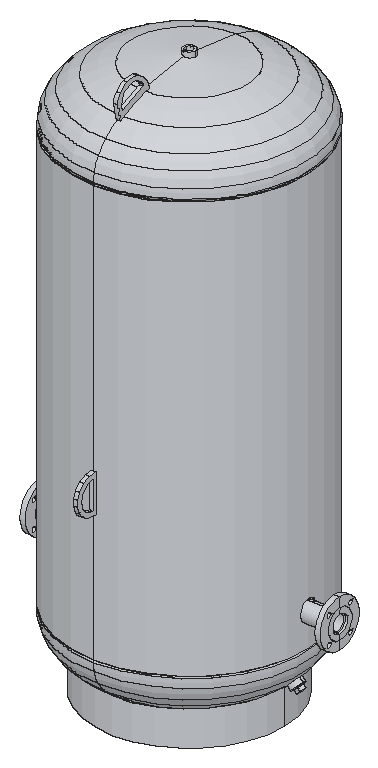
Revit family "CBT-200-2", category Generic Models, Revit 2014
Parameters (values of type "CBT-200-2")
  URL = "http://westank.com/"
  Tank Volume = 200.00 gal
  Part Number = 55300200
  Model = "CBT-200-2"
  Maximum Shipping Weight = 555 lbf
  Flange Connector Diameter = 2"
  Description = "Wessels ASME Chilled Water Buffer Tanks (CBT) are designed for chilled water systems with insufficient water volume capacity in relation to the chiller capacity."
  D = 14"
  C = 24"
  B = 71.72229"
  A = 30"
Reference planes (in)
  plane 1 "Center (Front/Back)": y = 0
  plane 2: z = 0
  plane 3 "Center (Left/Right)": x = 0
  plane 4: through (12.55282, -180, 5.24135) normal (0.8192, 0, -0.5736)
  plane 5: x = -15
  plane 6: x = 15
  plane 7: z = 0
  plane 8: y = 15
  plane 9: y = -15
  plane 10: x = -12
  plane 11: x = 12
  plane 12: z = 14
  plane 13: z = 71.72229
Forms (in)
  Revolve 1, solid
    sketch origin (0, -0.02461, 0) x (0, 1, 0) y (0, 0, 1)
      loop
        line (-14.97539, 9.87397) -> (-14.812, 9.87397)
        arc (-14.812, 9.87397) -> (-14.83596, 9.78454) -> (-14.90143, 9.71907) r 0.17887
        arc (-14.90143, 9.71907) -> (-14.94991, 9.64836) -> (-14.97579, 9.56662) r 0.29232
        arc (-14.97579, 9.56662) -> (-14.96586, 8.98455) -> (-14.89468, 8.40676) r 5.51955
        arc (-14.89468, 8.40676) -> (-14.65184, 7.56116) -> (-14.23912, 6.78419) r 4.22443
        arc (-14.23912, 6.78419) -> (-13.71208, 6.0842) -> (-13.11424, 5.44361) r 8.30764
        arc (-13.11424, 5.44361) -> (-11.99363, 4.5369) -> (-10.73315, 3.83755) r 8.30764
        arc (-10.73315, 3.83755) -> (-9.02248, 3.06195) -> (-7.23223, 2.49367) r 15.88746
        arc (-7.23223, 2.49367) -> (-3.63165, 1.79117) -> (0.02461, 1.49214) r 33.04234
        line (0.02461, 1.49214) -> (0.02461, 1.66407)
        arc (0.02461, 1.66407) -> (-3.61037, 1.96174) -> (-7.19, 2.66027) r 32.87047
        arc (-7.19, 2.66027) -> (-8.96351, 3.22342) -> (-10.65802, 3.99223) r 15.71558
        arc (-10.65802, 3.99223) -> (-11.8952, 4.67783) -> (-12.99495, 5.56734) r 8.13577
        arc (-12.99495, 5.56734) -> (-13.58042, 6.19468) -> (-14.09655, 6.88019) r 8.13577
        arc (-14.09655, 6.88019) -> (-14.49248, 7.62554) -> (-14.72544, 8.43674) r 4.05256
        arc (-14.72544, 8.43674) -> (-14.79395, 8.9901) -> (-14.80447, 9.54759) r 5.34767
        arc (-14.80447, 9.54759) -> (-14.7971, 9.56945) -> (-14.78569, 9.5895) r 0.12044
        arc (-14.78569, 9.5895) -> (-14.67439, 9.72277) -> (-14.64064, 9.89308) r 0.35074
        line (-14.64064, 9.89308) -> (-14.84715, 9.89308) -> (-14.84715, 63.30744) -> (-14.64151, 63.30744)
        arc (-14.64151, 63.30744) -> (-14.67184, 63.48438) -> (-14.78573, 63.62314) r 0.35074
        arc (-14.78573, 63.62314) -> (-14.79712, 63.64318) -> (-14.80449, 63.66503) r 0.12045
        arc (-14.80449, 63.66503) -> (-14.79397, 64.22252) -> (-14.72546, 64.77589) r 5.34768
        arc (-14.72546, 64.77589) -> (-14.4925, 65.58709) -> (-14.09657, 66.33245) r 4.05257
        arc (-14.09657, 66.33245) -> (-13.58043, 67.01795) -> (-12.99497, 67.64529) r 8.13578
        arc (-12.99497, 67.64529) -> (-11.89524, 68.53479) -> (-10.65807, 69.22039) r 8.13578
        arc (-10.65807, 69.22039) -> (-8.96355, 69.9892) -> (-7.19005, 70.55234) r 15.71558
        arc (-7.19005, 70.55234) -> (-3.61055, 71.25085) -> (0.02429, 71.54852) r 32.87045
        line (0.02429, 71.54852) -> (0.02429, 71.72226)
        arc (0.02429, 71.72226) -> (-3.63245, 71.42322) -> (-7.2335, 70.72062) r 33.04334
        arc (-7.2335, 70.72062) -> (-9.02402, 70.15223) -> (-10.73493, 69.37648) r 15.88853
        arc (-10.73493, 69.37648) -> (-11.99625, 68.67673) -> (-13.11754, 67.76938) r 8.30893
        arc (-13.11754, 67.76938) -> (-13.7162, 67.12794) -> (-14.24389, 66.42695) r 8.30923
        arc (-14.24389, 66.42695) -> (-14.65697, 65.6495) -> (-14.90005, 64.80335) r 4.22701
        arc (-14.90005, 64.80335) -> (-14.97148, 64.22282) -> (-14.98111, 63.638) r 5.52257
        arc (-14.98111, 63.638) -> (-14.95423, 63.55162) -> (-14.90267, 63.47728) r 0.29803
        arc (-14.90267, 63.47728) -> (-14.837, 63.41026) -> (-14.81302, 63.31953) r 0.18362
        line (-14.81302, 63.31953) -> (-14.97539, 63.31953) -> (-14.97539, 9.87397)
      axis (0.02461, 1.49214) -> (0.02461, 71.72226)
    angle from 0 to 360
  Revolve 2, solid
    sketch origin (0, 0, -0.00013) x (-1, 0, 0) y (0, 0, 1)
      loop
        line (18.00085, 12.8128) -> (18.00085, 12.46883) -> (18.25085, 12.46883) -> (18.25085, 11.0028) -> (18.9375, 11.0028) -> (18.9375, 12.18553) -> (19, 12.18553) -> (19, 12.8128) -> (18.00085, 12.8128)
      axis (19, 14.00013) -> (18.00085, 14.00013)
    angle from 0 to 360
  Revolve 3, solid
    sketch origin (-1.82085, 0, 2.88409) x (0.981353, 0, -0.192215) y (0.192215, 0, 0.981353)
      loop
        line (14.71753, 6.11956) -> (14.66586, 6.1556) -> (14.25436, 5.56561) -> (14.86992, 5.13627) -> (15.24588, 5.6753) -> (15.19462, 5.71106) -> (15.31904, 5.88945) -> (14.80641, 6.24699) -> (14.71753, 6.11956)
      axis (14.25436, 5.56561) -> (14.86992, 5.13627)
    angle from 0 to 360
  Extrusion 4, solid
    sketch origin (13.38203, -180, 6.13049) x (0.718765, 0, 0.695254) y (0, -1, 0)
      loop
        line (-0.16036, -179.52645) -> (-0.95521, -179.68698) -> (-0.79485, -180.48095) -> (0, -180.32042) -> (-0.16036, -179.52645)
    from 1.02698 to 1.52678
  Extrusion 5, solid
    sketch origin (0, -2.93535, 4.97257) x (0, 1, 0) y (0, 0, 1)
      loop
        line (-11.44611, 21.34547) -> (-11.44611, 26.2033)
        arc (-11.44611, 26.2033) -> (-12.23597, 26.18051) -> (-13.01533, 26.05008) r 5.77422
        arc (-13.01533, 26.05008) -> (-13.49297, 25.89754) -> (-13.94252, 25.67548) r 3.35288
        arc (-13.94252, 25.67548) -> (-14.34081, 25.36666) -> (-14.64962, 24.96837) r 2.0073
        arc (-14.64962, 24.96837) -> (-14.80343, 24.58932) -> (-14.88788, 24.18906) r 2.30742
        arc (-14.88788, 24.18906) -> (-14.91277, 23.77188) -> (-14.88788, 23.3547) r 3.50846
        arc (-14.88788, 23.3547) -> (-14.79412, 22.92876) -> (-14.61961, 22.52904) r 2.24053
        arc (-14.61961, 22.52904) -> (-14.27401, 22.08806) -> (-13.80999, 21.77406) r 1.8078
        arc (-13.80999, 21.77406) -> (-13.34321, 21.55591) -> (-12.84107, 21.44044) r 2.44481
        arc (-12.84107, 21.44044) -> (-12.14717, 21.34028) -> (-11.44611, 21.34547) r 4.65484
      loop
        arc (-12.44611, 25.63929) -> (-12.67227, 25.60073) -> (-12.89654, 25.55235) r 5.2625
        arc (-12.89654, 25.55235) -> (-13.30128, 25.42308) -> (-13.68221, 25.23491) r 2.84116
        arc (-13.68221, 25.23491) -> (-13.97364, 25.01013) -> (-14.20134, 24.72098) r 1.49558
        arc (-14.20134, 24.72098) -> (-14.3163, 24.43235) -> (-14.37979, 24.12821) r 1.7957
        arc (-14.37979, 24.12821) -> (-14.40106, 23.77188) -> (-14.37979, 23.41555) r 2.99674
        arc (-14.37979, 23.41555) -> (-14.30745, 23.08689) -> (-14.17279, 22.77846) r 1.72881
        arc (-14.17279, 22.77846) -> (-13.91552, 22.45353) -> (-13.56884, 22.22643) r 1.29608
        arc (-13.56884, 22.22643) -> (-13.1779, 22.0402) -> (-12.75531, 21.94566) r 1.9331
        arc (-12.75531, 21.94566) -> (-12.60126, 21.91347) -> (-12.44611, 21.88716) r 4.14312
        line (-12.44611, 21.88716) -> (-12.44611, 25.63929)
    from -0.24366 to 0.25634
  Extrusion 6, solid
    sketch origin (0, -26.96034, 50.83362) x (0, 0.366501, -0.930418) y (0, 0.930418, 0.366501)
      loop
        arc (-11.9298, 25.67102) -> (-12.15596, 25.63246) -> (-12.38023, 25.58408) r 5.2625
        arc (-12.38023, 25.58408) -> (-12.78497, 25.45482) -> (-13.16591, 25.26664) r 2.84116
        arc (-13.16591, 25.26664) -> (-13.45733, 25.04186) -> (-13.68503, 24.75271) r 1.49558
        arc (-13.68503, 24.75271) -> (-13.8, 24.46408) -> (-13.86349, 24.15994) r 1.7957
        arc (-13.86349, 24.15994) -> (-13.88475, 23.80361) -> (-13.86349, 23.44728) r 2.99674
        arc (-13.86349, 23.44728) -> (-13.79114, 23.11862) -> (-13.65649, 22.81019) r 1.72881
        arc (-13.65649, 22.81019) -> (-13.39922, 22.48527) -> (-13.05253, 22.25816) r 1.29608
        arc (-13.05253, 22.25816) -> (-12.66159, 22.07193) -> (-12.239, 21.97739) r 1.9331
        arc (-12.239, 21.97739) -> (-12.08496, 21.94521) -> (-11.9298, 21.91889) r 4.14312
        line (-11.9298, 21.91889) -> (-11.9298, 25.67102)
      loop
        line (-10.6798, 21.36539) -> (-10.6798, 26.08259)
        arc (-10.6798, 26.08259) -> (-11.8692, 26.19685) -> (-13.02719, 25.90227) r 3.48194
        arc (-13.02719, 25.90227) -> (-13.54727, 25.6041) -> (-13.99851, 25.20943) r 3.03185
        arc (-13.99851, 25.20943) -> (-14.28248, 24.55653) -> (-14.39992, 23.8543) r 2.91879
        arc (-14.39992, 23.8543) -> (-14.3348, 23.1787) -> (-14.08611, 22.54717) r 2.44012
        arc (-14.08611, 22.54717) -> (-13.716, 22.08641) -> (-13.21844, 21.76749) r 1.83162
        arc (-13.21844, 21.76749) -> (-11.97447, 21.40638) -> (-10.6798, 21.36539) r 5.1769
    from -0.24366 to 0.25634
  Extrusion 7, solid
    sketch origin (0, 0, 0) x (1, 0, 0) y (0, 1, 0)
      loop
        circle (0, 0) r 0.75
      loop
        circle (0, 0) r 0.5
    from 71.36613 to 72.22229
  Extrusion 8, void
    sketch origin (0, 0.13917, 0.41738) x (0, 1, 0) y (0, 0, -1)
      loop
        circle (1.541, -15.27943) r 0.37532
      loop
        circle (1.541, -11.8825) r 0.37532
      loop
        circle (-1.83246, -15.26631) r 0.37532
      loop
        circle (-1.7931, -11.89562) r 0.37532
    from 15.80097 to 20.25
  Extrusion 9, void
    sketch origin (0, 0, 0) x (1, 0, 0) y (0, 1, 0)
      loop
        circle (0, 0) r 0.5
    from 70.90268 to 73.75579
  Revolve 10, solid
    sketch origin (0, 0, 0) x (1, 0, 0) y (0, 0, 1)
      loop
        line (11.87609, 4.44941) -> (11.87609, 0) -> (12, 0) -> (12, 4.44941) -> (11.87609, 4.44941)
      axis (0, 4.44941) -> (0, 0)
    angle from 0 to 360
  Revolve 11, solid
    sketch origin (0, 0, -0.00013) x (1, 0, 0) y (0, 0, 1)
      loop
        line (-14.37585, 12.96677) -> (-18.625, 12.96677) -> (-18.625, 12.81248) -> (-14.37585, 12.81248) -> (-14.37585, 12.96677)
      axis (-18.625, 14.00013) -> (-14.37585, 14.00013)
    angle from 0 to 360
  Extrusion 12, void
    sketch origin (0, 0, 0.25) x (0, 1, 0) y (0, 0, 1)
      loop
        circle (0, 14) r 1.23453
    from -18.86806 to 18.76515
  Revolve 13, solid
    sketch origin (0, 0, -0.00013) x (1, 0, 0) y (0, 0, 1)
      loop
        line (18.00085, 12.8128) -> (18.00085, 12.46883) -> (18.25085, 12.46883) -> (18.25085, 11.0028) -> (18.9375, 11.0028) -> (18.9375, 12.18553) -> (19, 12.18553) -> (19, 12.8128) -> (18.00085, 12.8128)
      axis (19, 14.00013) -> (18.00085, 14.00013)
    angle from 0 to 360
  Extrusion 14, void
    sketch origin (0, 0.13917, 0.41738) x (0, 1, 0) y (0, 0, 1)
      loop
        circle (1.541, 15.27943) r 0.37532
      loop
        circle (1.541, 11.8825) r 0.37532
      loop
        circle (-1.83246, 15.26631) r 0.37532
      loop
        circle (-1.7931, 11.89562) r 0.37532
    from 15.80097 to 20.25
  Revolve 15, solid
    sketch origin (0, 0, -0.00013) x (-1, 0, 0) y (0, 0, 1)
      loop
        line (-14.37585, 12.96677) -> (-18.625, 12.96677) -> (-18.625, 12.81248) -> (-14.37585, 12.81248) -> (-14.37585, 12.96677)
      axis (-18.625, 14.00013) -> (-14.37585, 14.00013)
    angle from 0 to 360
Cuts and joins
  Extrusion 8, Extrusion 14 cuts Revolve 2
  Extrusion 14 cuts Revolve 13
  joined: Extrusion 4, Extrusion 5, Extrusion 6, Extrusion 7
  Extrusion 9, Extrusion 12 cuts Revolve 1
Dimensions and locks (in)
  equal spacing: plane 6, plane 3 "Center (Left/Right)", plane 5
  "A": plane 6 to plane 5
  equal spacing: plane 8, plane 1 "Center (Front/Back)", plane 9
  "A": plane 8 to plane 9
  equal spacing: plane 11, plane 3 "Center (Left/Right)", plane 10
  "C": plane 11 to plane 10
  plane 12 to level = 14"
  "B": plane 13 to level
  aligned and locked: plane 2 to level
  aligned and locked: Revolve 10 sketch curve to plane 3 "Center (Left/Right)"
Automatic sketch dimensions
  Revolve 1 sketch curve to Revolve 1 sketch curve = 0"  (x27)
  Revolve 1 sketch curve to plane 9 = 0"
  Revolve 1 sketch curve to plane 1 "Center (Front/Back)" = 0"  (x2)
  Revolve 1 sketch curve to Revolve 1 sketch curve = 0.01547"
  plane 9 to Revolve 1 sketch curve = 0.01547"
  Revolve 1 sketch curve to Revolve 1 sketch curve = 0.00578"
  Revolve 1 sketch curve to plane 9 = 0.12824"
  Revolve 1 sketch curve to Revolve 1 sketch curve = 0.03413"
  Revolve 1 sketch curve to Revolve 1 sketch curve = 9/256"
  Revolve 1 sketch curve to plane 9 = 0.28821"
  Revolve 1 sketch curve to plane 9 = 0.28822"
  Revolve 1 sketch curve to Revolve 1 sketch curve = 0.00078"
  Revolve 1 sketch curve to Revolve 1 sketch curve = 0.17151"
  Revolve 1 sketch curve to Revolve 1 sketch curve = 0.17135"
  Revolve 1 sketch curve to Revolve 1 sketch curve = 3.94929"
  Revolve 1 sketch curve to Revolve 1 sketch curve = 0.00287"
  Revolve 1 sketch curve to Revolve 1 sketch curve = 3.95216"
  Revolve 1 sketch curve to Revolve 1 sketch curve = 1.2728"
  Revolve 1 sketch curve to Revolve 1 sketch curve = 0.00246"
  Revolve 1 sketch curve to Revolve 1 sketch curve = 1.27526"
  Revolve 1 sketch curve to Revolve 1 sketch curve = 2.11145"
  Revolve 1 sketch curve to Revolve 1 sketch curve = 0.00084"
  Revolve 1 sketch curve to Revolve 1 sketch curve = 0.00187"
  Revolve 1 sketch curve to Revolve 1 sketch curve = 2.11171"
  plane 1 "Center (Front/Back)" to Revolve 1 sketch curve = 3.35442"
  Revolve 1 sketch curve to Revolve 1 sketch curve = 0.00082"
  plane 1 "Center (Front/Back)" to Revolve 1 sketch curve = 3.35353"
  plane 1 "Center (Front/Back)" to Revolve 1 sketch curve = 0.00031"
  Revolve 1 sketch curve to plane 1 "Center (Front/Back)" = 0.86039"
  Revolve 1 sketch curve to Revolve 1 sketch curve = 0.00067"
  Revolve 1 sketch curve to plane 1 "Center (Front/Back)" = 0.86116"
  level to Revolve 1 sketch curve = 1.49214"
  Revolve 1 sketch curve to Revolve 1 sketch curve = 0.17193"
  Revolve 1 sketch curve to plane 12 = 4.85634"
  Revolve 1 sketch curve to Revolve 1 sketch curve = 0.22592"
  Revolve 1 sketch curve to Revolve 1 sketch curve = 0.37656"
  Revolve 1 sketch curve to Revolve 1 sketch curve = 0.35376"
  Revolve 1 sketch curve to Revolve 1 sketch curve = 0.01911"  (x2)
  Revolve 1 sketch curve to plane 12 = 2.57575"
  plane 12 to Revolve 1 sketch curve = 3.89417"
  Revolve 1 sketch curve to Revolve 1 sketch curve = 16.62909"
  Revolve 1 sketch curve to Revolve 1 sketch curve = 4.1661"
  Revolve 1 sketch curve to Revolve 1 sketch curve = 0.00077"
  Revolve 1 sketch curve to Revolve 1 sketch curve = 0.00068"
  Revolve 1 sketch curve to Revolve 1 sketch curve = 6.46799"
  Revolve 1 sketch curve to Revolve 1 sketch curve = 0.00123"
  Revolve 1 sketch curve to Revolve 1 sketch curve = 0.00005"
  Revolve 1 sketch curve to Revolve 1 sketch curve = 1.52034"
  Revolve 1 sketch curve to Revolve 1 sketch curve = 0.01209"
  Revolve 1 sketch curve to Revolve 1 sketch curve = 0.3749"
  Revolve 1 sketch curve to Revolve 1 sketch curve = 0.01007"
  Revolve 1 sketch curve to Revolve 1 sketch curve = 2.05124"
  Revolve 1 sketch curve to Revolve 1 sketch curve = 0.00348"
  Revolve 1 sketch curve to Revolve 1 sketch curve = 0.2261"
  Revolve 1 sketch curve to Revolve 1 sketch curve = 0.0033"
  plane 9 to Revolve 1 sketch curve = 0.0004"
  plane 9 to Revolve 1 sketch curve = 0.00572"
  Revolve 1 sketch curve to plane 9 = 0.07272"
  Revolve 1 sketch curve to plane 9 = 0.07396"
  Revolve 1 sketch curve to Revolve 1 sketch curve = 0.11808"
  Revolve 1 sketch curve to Revolve 1 sketch curve = 0.11729"
  Revolve 1 sketch curve to Revolve 1 sketch curve = 0.01876"
  Revolve 1 sketch curve to Revolve 1 sketch curve = 0.01878"
  Revolve 1 sketch curve to Revolve 1 sketch curve = 0.14732"
  Revolve 1 sketch curve to Revolve 1 sketch curve = 0.97903"
  Revolve 1 sketch curve to Revolve 1 sketch curve = 0.98231"
  Revolve 1 sketch curve to Revolve 1 sketch curve = 0.12257"
  Revolve 1 sketch curve to Revolve 1 sketch curve = 0.1193"
  Revolve 1 sketch curve to Revolve 1 sketch curve = 2.26179"
  Revolve 1 sketch curve to Revolve 1 sketch curve = 0.07686"
  Revolve 1 sketch curve to Revolve 1 sketch curve = 0.07513"
  Revolve 1 sketch curve to Revolve 1 sketch curve = 5.63017"
  Revolve 1 sketch curve to Revolve 1 sketch curve = 1.88017"
  Revolve 2 sketch curve to plane 12 = 0"
  plane 5 to Revolve 2 sketch curve = 3.00085"
  Revolve 2 sketch curve to Revolve 2 sketch curve = 1/4"
  Revolve 2 sketch curve to Revolve 2 sketch curve = 0.68665"
  Revolve 2 sketch curve to Revolve 2 sketch curve = 1/16"
  plane 12 to Revolve 2 sketch curve = 1.18733"
  Revolve 2 sketch curve to Revolve 2 sketch curve = 0.34397"
  Revolve 2 sketch curve to Revolve 2 sketch curve = 0.62726"
  Revolve 2 sketch curve to Revolve 2 sketch curve = 1.18273"
  Revolve 2 sketch curve to plane 5 = 0.66921"
  Revolve 2 sketch curve to Revolve 2 sketch curve = 0.68278"
  plane 4 to Revolve 3 sketch curve = 0.35169"
  plane 11 to Revolve 3 sketch curve = 1.2375"
  Revolve 3 sketch curve to Revolve 3 sketch curve = 0.4115"
  Revolve 3 sketch curve to Revolve 3 sketch curve = 0.05167"
  Revolve 3 sketch curve to Revolve 3 sketch curve = 0.08888"
  Revolve 3 sketch curve to Revolve 3 sketch curve = 0.61556"
  Revolve 3 sketch curve to Revolve 3 sketch curve = 0.47709"
  Revolve 3 sketch curve to Revolve 3 sketch curve = 0.05126"
  Revolve 3 sketch curve to Revolve 3 sketch curve = 0.42934"
  Revolve 3 sketch curve to Revolve 3 sketch curve = 0.12768"
  Revolve 3 sketch curve to Revolve 3 sketch curve = 0"  (x2)
  Revolve 3 sketch curve to Revolve 3 sketch curve = 0.08905"
  plane 1 "Center (Front/Back)" to Extrusion 4 sketch curve = 0.31302"
  Extrusion 4 sketch curve to plane 1 "Center (Front/Back)" = 0.48095"
  Extrusion 4 sketch curve to Extrusion 4 sketch curve = 0.16036"  (x2)
  plane 1 "Center (Front/Back)" to Extrusion 4 sketch curve = 0.47355"
  Extrusion 4 sketch curve to Extrusion 4 sketch curve = 0.79485"
  Extrusion 4 sketch curve to plane 1 "Center (Front/Back)" = 0.32042"
  Extrusion 7 sketch curve to Extrusion 7 sketch curve = 0"  (x2)
  plane 1 "Center (Front/Back)" to Extrusion 7 sketch curve = 0"
  Extrusion 7 sketch curve to plane 3 "Center (Left/Right)" = 0"
  plane 1 "Center (Front/Back)" to Extrusion 8 sketch curve = 1.69329"
  plane 1 "Center (Front/Back)" to Extrusion 8 sketch curve = 1.65393"
  Extrusion 8 sketch curve to plane 1 "Center (Front/Back)" = 1.68017"  (x2)
  plane 12 to Extrusion 8 sketch curve = 1.69681"
  plane 12 to Extrusion 8 sketch curve = 1.68369"
  Extrusion 8 sketch curve to plane 12 = 1.687"
  Extrusion 8 sketch curve to plane 12 = 1.70012"
  Extrusion 9 sketch curve to Extrusion 9 sketch curve = 0"  (x2)
  plane 1 "Center (Front/Back)" to Extrusion 9 sketch curve = 0"
  Extrusion 9 sketch curve to plane 3 "Center (Left/Right)" = 0"
  Extrusion 9 sketch curve to plane 3 "Center (Left/Right)" = 1/2"
  Revolve 10 sketch curve to level = 0"
  Revolve 10 sketch curve to plane 11 = 0"
  Revolve 10 sketch curve to plane 11 = 0.12391"
  level to Revolve 10 sketch curve = 4.44941"
  level to Revolve 10 sketch curve = 4.69941"
  Revolve 10 sketch curve to Revolve 10 sketch curve = 1"
  Revolve 11 sketch curve to plane 12 = 0"
  Revolve 11 sketch curve to plane 12 = 1.03336"
  Revolve 11 sketch curve to plane 5 = 3 5/8"
  plane 5 to Revolve 11 sketch curve = 0.62415"
  Revolve 11 sketch curve to Revolve 11 sketch curve = 0.1543"
  plane 5 to Revolve 11 sketch curve = 0.51485"
  Revolve 11 sketch curve to Revolve 11 sketch curve = 0.36015"
  Extrusion 12 sketch curve to Extrusion 12 sketch curve = 0"  (x2)
  Extrusion 12 sketch curve to plane 1 "Center (Front/Back)" = 0"
  plane 12 to Extrusion 12 sketch curve = 1/4"
  Extrusion 12 sketch curve to plane 12 = 0.98453"
  Revolve 13 sketch curve to plane 12 = 0"
  plane 6 to Revolve 13 sketch curve = 3.00085"
  Revolve 13 sketch curve to Revolve 13 sketch curve = 1/4"
  Revolve 13 sketch curve to Revolve 13 sketch curve = 0.68665"
  Revolve 13 sketch curve to Revolve 13 sketch curve = 1/16"
  Revolve 13 sketch curve to plane 12 = 1.18733"
  Revolve 13 sketch curve to Revolve 13 sketch curve = 0.34397"
  Revolve 13 sketch curve to Revolve 13 sketch curve = 0.62726"
  Revolve 13 sketch curve to Revolve 13 sketch curve = 1.18273"
  Revolve 13 sketch curve to plane 6 = 0.66921"
  Revolve 13 sketch curve to Revolve 13 sketch curve = 0.68278"
  plane 1 "Center (Front/Back)" to Extrusion 14 sketch curve = 1.69329"
  plane 1 "Center (Front/Back)" to Extrusion 14 sketch curve = 1.65393"
  Extrusion 14 sketch curve to plane 1 "Center (Front/Back)" = 1.68017"  (x2)
  Extrusion 14 sketch curve to plane 12 = 1.70012"
  Extrusion 14 sketch curve to plane 12 = 1.687"
  plane 12 to Extrusion 14 sketch curve = 1.68369"
  plane 12 to Extrusion 14 sketch curve = 1.69681"
  Revolve 15 sketch curve to plane 12 = 0"
  plane 12 to Revolve 15 sketch curve = 1.03336"
  Revolve 15 sketch curve to plane 6 = 3 5/8"
  plane 6 to Revolve 15 sketch curve = 0.62415"
  Revolve 15 sketch curve to Revolve 15 sketch curve = 0.1543"
  plane 6 to Revolve 15 sketch curve = 0.51485"
  Revolve 15 sketch curve to Revolve 15 sketch curve = 0.36015"
  Extrusion 6 sketch curve to plane 9 = 5.26009"
  Extrusion 6 sketch curve to Extrusion 6 sketch curve = 0.03301"
  Extrusion 6 sketch curve to Extrusion 6 sketch curve = 0.08665"
  Extrusion 6 sketch curve to Extrusion 6 sketch curve = 0.34483"
  Extrusion 6 sketch curve to Extrusion 6 sketch curve = 17/256"
  Extrusion 6 sketch curve to Extrusion 6 sketch curve = 0.04958"
  Extrusion 6 sketch curve to Extrusion 6 sketch curve = 0.06885"
  Extrusion 6 sketch curve to Extrusion 6 sketch curve = 0.15073"
  Extrusion 6 sketch curve to Extrusion 6 sketch curve = 0.36028"
  Extrusion 6 sketch curve to Extrusion 6 sketch curve = 0.06601"
  Extrusion 6 sketch curve to Extrusion 6 sketch curve = 0.11815"
  Extrusion 6 sketch curve to Extrusion 6 sketch curve = 0.47821"
  Extrusion 6 sketch curve to Extrusion 6 sketch curve = 0.6151"
  Extrusion 6 sketch curve to Extrusion 6 sketch curve = 0.15011"
  Extrusion 6 sketch curve to Extrusion 6 sketch curve = 0.77126"
  Extrusion 6 sketch curve to Extrusion 6 sketch curve = 0.59588"
  Extrusion 6 sketch curve to Extrusion 6 sketch curve = 0.47874"
  Extrusion 6 sketch curve to Extrusion 6 sketch curve = 0.3061"
  Extrusion 6 sketch curve to Extrusion 6 sketch curve = 0.31529"
  Extrusion 6 sketch curve to Extrusion 6 sketch curve = 0.0954"
  Extrusion 6 sketch curve to Extrusion 6 sketch curve = 0.80625"
  Extrusion 6 sketch curve to Extrusion 6 sketch curve = 0.5535"
  Extrusion 6 sketch curve to Extrusion 6 sketch curve = 0.90004"
  Extrusion 6 sketch curve to Extrusion 6 sketch curve = 0.00686"
  Extrusion 6 sketch curve to Extrusion 6 sketch curve = 0.20406"
  Extrusion 6 sketch curve to Extrusion 6 sketch curve = 0.59172"
  Extrusion 6 sketch curve to Extrusion 6 sketch curve = 0.09548"
  Extrusion 6 sketch curve to Extrusion 6 sketch curve = 0.07607"
  Extrusion 6 sketch curve to Extrusion 6 sketch curve = 0.15093"
  Extrusion 6 sketch curve to Extrusion 6 sketch curve = 0.04716"
  Extrusion 6 sketch curve to Extrusion 6 sketch curve = 0.0326"
  Extrusion 6 sketch curve to Extrusion 6 sketch curve = 1.7246"
  Extrusion 6 sketch curve to Extrusion 6 sketch curve = 0.34507"
  Extrusion 6 sketch curve to Extrusion 6 sketch curve = 0.0665"
  Extrusion 6 sketch curve to Extrusion 6 sketch curve = 0.50345"
  Extrusion 6 sketch curve to Extrusion 6 sketch curve = 0"  (x6)
  Extrusion 6 sketch curve to Extrusion 6 sketch curve = 0.1659"
  Extrusion 6 sketch curve to Extrusion 6 sketch curve = 0.13872"
  Extrusion 6 sketch curve to Extrusion 6 sketch curve = 0.42962"
  Extrusion 6 sketch curve to Extrusion 6 sketch curve = 0.51913"
  Extrusion 6 sketch curve to Extrusion 6 sketch curve = 0.31348"
  Extrusion 5 sketch curve to Extrusion 5 sketch curve = 0"  (x24)
  plane 9 to Extrusion 5 sketch curve = 0.97644"
  Extrusion 5 sketch curve to Extrusion 5 sketch curve = 0.11966"
  Extrusion 5 sketch curve to Extrusion 5 sketch curve = 0.25819"
  Extrusion 5 sketch curve to Extrusion 5 sketch curve = 17/256"
  Extrusion 5 sketch curve to Extrusion 5 sketch curve = 0.04958"
  plane 9 to Extrusion 5 sketch curve = 0.38146"
  plane 9 to Extrusion 5 sketch curve = 0.17231"
  Extrusion 5 sketch curve to plane 9 = 0.23364"
  Extrusion 5 sketch curve to plane 9 = 0.38981"
  Extrusion 5 sketch curve to Extrusion 5 sketch curve = 0.3849"
  Extrusion 5 sketch curve to plane 9 = 0.66033"
  plane 12 to Extrusion 5 sketch curve = 11.40619"
  Extrusion 5 sketch curve to Extrusion 5 sketch curve = 0.91185"
  Extrusion 5 sketch curve to Extrusion 5 sketch curve = 0.54169"
  Extrusion 5 sketch curve to Extrusion 5 sketch curve = 0.90165"
  Extrusion 5 sketch curve to Extrusion 5 sketch curve = 0.62139"
  Extrusion 5 sketch curve to Extrusion 5 sketch curve = 27/128"
  Extrusion 5 sketch curve to Extrusion 5 sketch curve = 0.15076"
  Extrusion 5 sketch curve to Extrusion 5 sketch curve = 0.24641"
  Extrusion 5 sketch curve to Extrusion 5 sketch curve = 0.04716"
  Extrusion 5 sketch curve to Extrusion 5 sketch curve = 0.0326"
  Extrusion 5 sketch curve to Extrusion 5 sketch curve = 1.7246"
  Extrusion 5 sketch curve to Extrusion 5 sketch curve = 0.34507"
  Extrusion 5 sketch curve to Extrusion 5 sketch curve = 0.21894"
  Extrusion 5 sketch curve to Extrusion 5 sketch curve = 1.12273"
  Extrusion 5 sketch curve to Extrusion 5 sketch curve = 0.78568"
  Extrusion 5 sketch curve to Extrusion 5 sketch curve = 0.24115"
  Extrusion 5 sketch curve to Extrusion 5 sketch curve = 0.2603"
  Extrusion 5 sketch curve to Extrusion 5 sketch curve = 0.60395"
  Extrusion 5 sketch curve to Extrusion 5 sketch curve = 0.51913"
  Extrusion 5 sketch curve to Extrusion 5 sketch curve = 0.44682"
  Extrusion 5 sketch curve to Extrusion 5 sketch curve = 0.44829"
  Revolve 1 sketch curve to plane 13 = 16.40385"
  Revolve 1 sketch curve to plane 13 = 0.17377"
  Revolve 1 sketch curve to plane 13 = 0.00003"
  Revolve 1 sketch curve to plane 13 = 2.34581"
  Extrusion 6 sketch curve to plane 13 = 0.64389"
  radius of Extrusion 7 sketch curve = 3/4"
  radius of Extrusion 7 sketch curve = 1/2"
  radius of Extrusion 8 sketch curve = 0.37532"  (x4)
  radius of Extrusion 14 sketch curve = 0.37532"  (x4)
Connectors (in)
  piping at (-19, 0, 14), diameter 2, driven by "Flange Connector Diameter"
    settings: on Revolve 2, index 1, connector inside diameter 24", connector length 0", flow factor 0, pipe flow 0 GPM, pressure drop 0.00 psi, fitting loss kfactor 0, connector angle 0.00°, fixture units 0, engagement length 0", angle of deflection 0.00°, flow configuration 0, flow direction 0, fitting loss method 0, system type 7, joint type 0, gender type 0, connector reference index 2, connector utility 0, adjustable connector no, is connector primary yes, connector description ""
  piping at (19, 0, 14), diameter 2, driven by "Flange Connector Diameter"
    settings: on Revolve 13, index 2, connector inside diameter 24", connector length 0", flow factor 0, pipe flow 0 GPM, pressure drop 0.00 psi, fitting loss kfactor 0, connector angle 0.00°, fixture units 0, engagement length 0", angle of deflection 0.00°, flow configuration 0, flow direction 0, fitting loss method 0, system type 7, joint type 0, gender type 0, connector reference index 1, connector utility 0, adjustable connector no, is connector primary no, connector description ""
